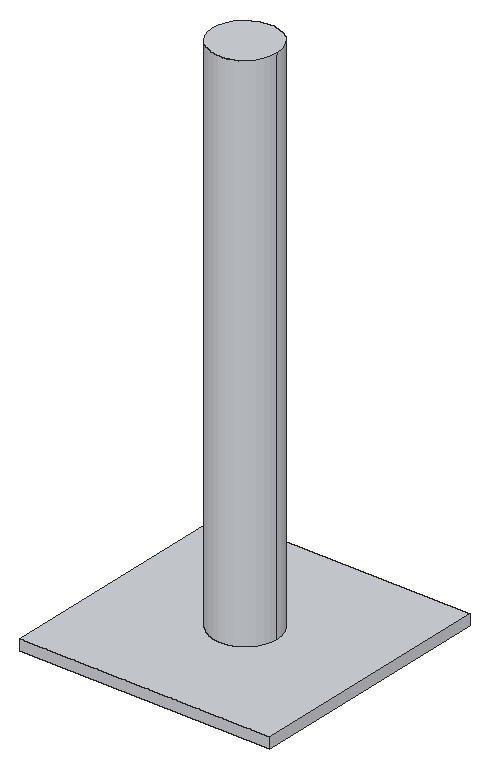
Revit family "BIM_ST_Scaff_JackBase_Shared", category Generic Models, Revit 2022
Family settings
  Can host rebar = No
  Round Connector Dimension = Use Diameter
  Part Type = Normal
  Work Plane-Based = No
  Always vertical = Yes
  Cut with Voids When Loaded = No
  Maintain Annotation Orientation = No
  Shared = Yes
  Room Calculation Point = No
Parameters
  Default Elevation = 0 mm
Reference planes
  plane 1 "Center (Front/Back)": y = 0
  plane 2: z = 0
  plane 3 "Center (Left/Right)": x = 0
Forms (mm)
  Extrusion 1, solid
    sketch origin (0, 0, 0) x (1, 0, 0) y (0, 1, 0)
      loop
        line (-70, -70) -> (70, -70) -> (70, 70) -> (-70, 70) -> (-70, -70)
    from 0 to 6
  Extrusion 2, solid
    sketch origin (0, 0, 0) x (1, 0, 0) y (0, 1, 0)
      loop
        circle (0, 0) r 18
    from 0 to 300
Dimensions and locks
  aligned and locked: level to plane 2
